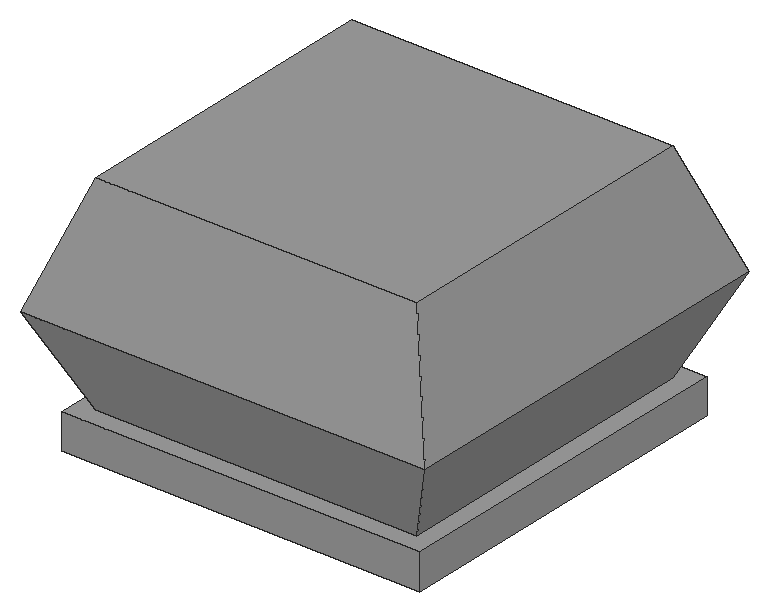
Revit family "BIMLIB_КрышныйВентилятор_RMV-VIM_IRMV-VIM_SHUFT", category Оборудование, Revit 2017
Family settings
  Размер круглого соединителя = Использовать диаметр
  Тип детали = Нормальный
  На основе рабочей плоскости = Нет
  Всегда вертикально = Да
  При загрузке вырезать с полостями = Нет
  Общий = Нет
  Точка расчета площади = Нет
Parameters (values of type "RMVE 190/300-2 VIM")
  Повернуть УГО [instance] = yes
  Описание = "Разборный корпус вентиляторов изготовлен из оцинкованной стали. Вентиляторы оборудованы высокоэффективной крыльчаткой с загнутыми назад лопатками и асинхронным двигателем с внешним ротором. Рабочее колесо установлено методом напрессовки непосредственно на ротор электродвигателя. Электродвигатель с рабочим колесом статически и динамически сбалансированы. Крыльчатка защищена сеткой от попадания посторонних предметов. Шариковые подшипники электродвигателя не требуют технического ухода. Защита двигателей вентиляторво осуществляется встроенными термоконтактами, требующими подключения внешнего защитного термореле. В случае применения пятиступенчатых регуляторов скорости серий TRE-T и TRD-T дополнительное защитное реле не нужно. Регулирование скорости вентилятора осуществляется путем изменения напряжения за счет использования пятиступенчатых трансформаторных регуляторов TRE-T и TRD-T или однофазных плавных регуляторов скорости SRE. К одному регулятору можно подключить несколько вентилято-ров при условии, что общий ток вентиляторов не превышает номинальный ток регулятора."  # constant formula
  Климатическое исполнение = "У1"  # constant formula
  Изготовитель = "ООО «Завод ВКО» марка SHUFT"  # constant formula
  Watermark [instance] = "Модели защищены уникальным кодом"
  URL = "http://www.shuft.ru/"
  L2 = 305 mm
  L1 = 273 mm
  L = 344 mm
  IP Двигателя = "IP44"
  H1 = 108 mm
  H = 207 mm
  ADSK_Частота вращения вентилятора = 2380
  ADSK_Ток = 0.26 A
  ADSK_Размер_Диаметр = 160 mm
  ADSK_Потеря давления воздуха [instance] = 0.0 Pa
  ADSK_Полная мощность = ADSK_Номинальная мощность / ADSK_Коэффициент мощности  # 0.059 kW
  ADSK_Номинальная мощность = 0.059 kW
  ADSK_Напряжение = 230 V
  ADSK_Коэффициент мощности = 1
  ADSK_Количество фаз = 1
  BL_Разработано = "support@bimlib.pro"  # constant formula
  BL_Email = "bimmodels@rusklimat.ru"  # constant formula
  BL_BIM library = "https://bimlib.pro/manufacturer/company/23829"
  ADSK_Расход воздуха [instance] = 0.0 L/s
  ADSK_Примечание [instance] = ""
  ADSK_Позиция = ""
  ADSK_Обозначение = ""
  ADSK_Наименование = "Крышный вентилятор RMVE 190/300-2 VIM"
  ADSK_Материал = BIMLIB_Сталь_SHUFT
  ADSK_Масса = 7
  ADSK_Марка = "RMVE 190/300-2 VIM"
  ADSK_Код изделия = ADSK_Марка  # "RMVE 190/300-2 VIM"
  ADSK_Классификация нагрузок = Прочее
  ADSK_Завод-изготовитель = "ООО «Завод ВКО» марка SHUFT"  # constant formula
  ADSK_Единица измерения = "шт."  # constant formula
  ADSK_Версия семейства = "v.1"  # constant formula
  ADSK_Версия Revit = "2017"  # constant formula
  ADSK_URL страницы изделия = "http://www.shuft.ru/catalog/1/200/3002/4015/"
  ADSK_URL документации изделия = "http://www.shuft.ru/upload/downloads/passport-RMV_VIM.pdf"
Types (28, lengths in mm): name | L2 | L1 | L | IP Двигателя | H1 | H | ADSK_Частота вращения вентилятора | ADSK_Ток | ADSK_Размер_Диаметр | ADSK_Полная мощность | ADSK_Номинальная мощность | ADSK_Напряжение | ADSK_Количество фаз | ADSK_Наименование | ADSK_Масса | ADSK_Марка | ADSK_Код изделия
  RMVE 190/300-2 VIM | 305 | 273 | 344 | "IP44" | 108 | 207 | 2380 | 0.26 A | 160 | 0.059 kW | 0.059 kW | 230 V | 1 | "Крышный вентилятор RMVE 190/300-2 VIM" | 7 | "RMVE 190/300-2 VIM" | "RMVE 190/300-2 VIM"
  RMVE 220/400-2 VIM | 305 | 357 | 440 | "IP54" | 112 | 214 | 2500 | 0.04 A | 200 | 0.085 kW | 0.085 kW | 230 V | 1 | "Крышный вентилятор RMVE 220/400-2 VIM" | 9.5 | "RMVE 220/400-2 VIM" | "RMVE 220/400-2 VIM"
  RMVE 250/400-2 VIM | 405 | 357 | 440 | "IP54" | 145 | 246 | 2440 | 0.67 A | 250 | 0.154 kW | 0.154 kW | 230 V | 1 | "Крышный вентилятор RMVE 250/400-2 VIM" | 11.5 | "RMVE 250/400-2 VIM" | "RMVE 250/400-2 VIM"
  RMVE 280/400-2 VIM | 405 | 357 | 440 | "IP54" | 152 | 246 | 2500 | 0.9 A | 300 | 0.2 kW | 0.2 kW | 230 V | 1 | "Крышный вентилятор RMVE 280/400-2 VIM" | 12.12 | "RMVE 280/400-2 VIM" | "RMVE 280/400-2 VIM"
  RMVE 311/440-4 VIM | 435 | 470 | 555 | "IP44" | 228 | 323 | 1400 | 0.72 A | 315 | 0.145 kW | 0.145 kW | 230 V | 1 | "Крышный вентилятор RMVE 311/440-4 VIM" | 18 | "RMVE 311/440-4 VIM" | "RMVE 311/440-4 VIM"
  RMVD 311/440-4 VIM | 435 | 470 | 555 | "IP54" | 228 | 323 | 1410 | 0.37 A | 315 | 0.128 kW | 0.128 kW | 400 V | 3 | "Крышный вентилятор RMVD 311/440-4 VIM" | 18 | "RMVD 311/440-4 VIM" | "RMVD 311/440-4 VIM"
  RMVE 355/600-4 VIM | 595 | 618 | 720 | "IP54" | 278 | 400 | 1390 | 0.77 A | 355 | 0.178 kW | 0.178 kW | 230 V | 1 | "Крышный вентилятор RMVE 355/600-4 VIM" | 28.4 | "RMVE 355/600-4 VIM" | "RMVE 355/600-4 VIM"
  IRMVE 311/440-4 VIM | 435 | 567 | 675 | "IP44" | 228 | 369 | 1400 | 0.72 A | 315 | 0.145 kW | 0.145 kW | 230 V | 1 | "Крышный вентилятор IRMVE 311/440-4 VIM" | 26 | "IRMVE 311/440-4 VIM" | "IRMVE 311/440-4 VIM"
  IRMVD 311/440-4 VIM | 435 | 567 | 675 | "IP54" | 228 | 369 | 1410 | 0.37 A | 315 | 0.128 kW | 0.128 kW | 400 V | 3 | "Крышный вентилятор IRMVD 311/440-4 VIM" | 26 | "IRMVD 311/440-4 VIM" | "IRMVD 311/440-4 VIM"
  IRMVE 355/600-4 VIM | 595 | 716 | 844 | "IP54" | 278 | 422 | 1390 | 0.77 A | 355 | 0.178 kW | 0.178 kW | 230 V | 1 | "Крышный вентилятор IRMVE 355/600-4 VIM" | 39 | "IRMVE 355/600-4 VIM" | "IRMVE 355/600-4 VIM"
  RMVD 355/600-4 VIM | 595 | 618 | 720 | "IP54" | 278 | 420 | 1410 | 0.45 A | 355 | 0.17 kW | 0.17 kW | 400 V | 3 | "Крышный вентилятор RMVD 355/600-4 VIM" | 28.4 | "RMVD 355/600-4 VIM" | "RMVD 355/600-4 VIM"
  RMVE 400/600-4 VIM | 595 | 618 | 720 | "IP54" | 270 | 435 | 1420 | 1.7 A | 400 | 0.375 kW | 0.375 kW | 230 V | 1 | "Крышный вентилятор RMVE 400/600-4 VIM" | 32 | "RMVE 400/600-4 VIM" | "RMVE 400/600-4 VIM"
  RMVD 400/600-4 VIM | 595 | 618 | 720 | "IP54" | 270 | 435 | 1410 | 0.81 A | 400 | 0.34 kW | 0.34 kW | 400 V | 3 | "Крышный вентилятор RMVD 400/600-4 VIM" | 32 | "RMVD 400/600-4 VIM" | "RMVD 400/600-4 VIM"
  IRMVD 355/600-4 VIM | 595 | 716 | 844 | "IP54" | 278 | 422 | 1410 | 0.45 A | 355 | 0.17 kW | 0.17 kW | 400 V | 3 | "Крышный вентилятор IRMVD 355/600-4 VIM" | 38 | "IRMVD 355/600-4 VIM" | "IRMVD 355/600-4 VIM"
  IRMVE 400/600-4 VIM | 595 | 716 | 844 | "IP54" | 278 | 422 | 1420 | 1.7 A | 400 | 0.375 kW | 0.375 kW | 230 V | 1 | "Крышный вентилятор IRMVE 400/600-4 VIM" | 42 | "IRMVE 400/600-4 VIM" | "IRMVE 400/600-4 VIM"
  IRMVD 400/600-4 VIM | 595 | 716 | 844 | "IP54" | 278 | 422 | 1410 | 0.81 A | 400 | 0.34 kW | 0.34 kW | 400 V | 3 | "Крышный вентилятор IRMVD 400/600-4 VIM" | 41 | "IRMVD 400/600-4 VIM" | "IRMVD 400/600-4 VIM"
  RMVE 450/670-4 VIM | 665 | 700 | 900 | "IP54" | 330 | 485 | 1410 | 2.55 A | 450 | 0.58 kW | 0.58 kW | 230 V | 1 | "Крышный вентилятор RMVE 450/670-4 VIM" | 47.6 | "RMVE 450/670-4 VIM" | "RMVE 450/670-4 VIM"
  IRMVE 450/670-4 VIM | 665 | 817 | 966 | "IP54" | 330 | 488 | 1410 | 2.55 A | 450 | 0.58 kW | 0.58 kW | 230 V | 1 | "Крышный вентилятор IRMVE 450/670-4 VIM" | 62.5 | "IRMVE 450/670-4 VIM" | "IRMVE 450/670-4 VIM"
  RMVD 450/670-4 VIM | 665 | 700 | 900 | "IP54" | 330 | 485 | 1420 | 1.43 A | 450 | 0.58 kW | 0.58 kW | 400 V | 3 | "Крышный вентилятор RMVD 450/670-4 VIM" | 49.4 | "RMVD 450/670-4 VIM" | "RMVD 450/670-4 VIM"
  RMVD 500/670-4 VIM | 665 | 700 | 900 | "IP54" | 330 | 485 | 1440 | 2.2 A | 500 | 1.1 kW | 1.1 kW | 400 V | 3 | "Крышный вентилятор RMVD 500/670-4 VIM" | 56 | "RMVD 500/670-4 VIM" | "RMVD 500/670-4 VIM"
  IRMVD 450/670-4 VIM | 665 | 817 | 966 | "IP54" | 330 | 488 | 1420 | 1.43 A | 450 | 0.58 kW | 0.58 kW | 400 V | 3 | "Крышный вентилятор IRMVD 450/670-4 VIM" | 61 | "IRMVD 450/670-4 VIM" | "IRMVD 450/670-4 VIM"
  IRMVD 500/670-4 VIM | 665 | 817 | 966 | "IP54" | 330 | 488 | 1440 | 2.2 A | 500 | 1.1 kW | 1.1 kW | 400 V | 3 | "Крышный вентилятор IRMVD 500/670-4 VIM" | 65 | "IRMVD 500/670-4 VIM" | "IRMVD 500/670-4 VIM"
  RMVD 560/940-4 VIM | 939 | 972 | 1150 | "IP54" | 385 | 609 | 1400 | 3.6 A | 560 | 2 kW | 2 kW | 400 V | 3 | "Крышный вентилятор RMVD 560/940-4 VIM" | 128 | "RMVD 560/940-4 VIM" | "RMVD 560/940-4 VIM"
  IRMVD 560/940-4 VIM | 939 | 1033 | 1265 | "IP54" | 385 | 611 | 1400 | 3.6 A | 560 | 2 kW | 2 kW | 400 V | 3 | "Крышный вентилятор IRMVD 560/940-4 VIM" | 109 | "IRMVD 560/940-4 VIM" | "IRMVD 560/940-4 VIM"
  RMVD 630/950-4 VIM | 939 | 972 | 1150 | "IP54" | 385 | 609 | 1380 | 6.8 A | 630 | 4.1 kW | 4.1 kW | 400 V | 3 | "Крышный вентилятор RMVD 630/950-4 VIM" | 140 | "RMVD 630/950-4 VIM" | "RMVD 630/950-4 VIM"
  IRMVD 630/950-4 VIM | 939 | 1033 | 1265 | "IP54" | 385 | 611 | 1380 | 6.8 A | 630 | 4.1 kW | 4.1 kW | 400 V | 3 | "Крышный вентилятор IRMVD 630/950-4 VIM" | 140 | "IRMVD 630/950-4 VIM" | "IRMVD 630/950-4 VIM"
  RMVD 710/1040-6 VIM | 1035 | 1176 | 1350 | "IP54" | 465 | 717 | 890 | 4 A | 710 | 2 kW | 2 kW | 400 V | 3 | "Крышный вентилятор RMVD 710/1040-6 VIM" | 156 | "RMVD 710/1040-6 VIM" | "RMVD 710/1040-6 VIM"
  IRMVD 710/1040-6 VIM | 1035 | 1176 | 1350 | "IP54" | 465 | 717 | 890 | 4 A | 710 | 2 kW | 2 kW | 400 V | 3 | "Крышный вентилятор IRMVD 710/1040-6 VIM" | 132 | "IRMVD 710/1040-6 VIM" | "IRMVD 710/1040-6 VIM"
Reference planes
  plane 1 "По центру (Вперед/Назад)": y = 0
  plane 2: z = 0
  plane 3 "По центру (Влево/Вправо)": x = 0
  plane 4: z = 30
  plane 5: z = 207
  plane 6: z = 108
  plane 7: x = -172
  plane 8: x = 172
  plane 9: x = -136.5
  plane 10: x = 136.5
  plane 11: x = 152.5
  plane 12: x = -152.5
  plane 13: y = -172
  plane 14: y = 172
  plane 15: y = -136.5
  plane 16: y = 136.5
  plane 17: y = 152.5
  plane 18: y = -152.5
Forms (mm)
  Extrusion 1, solid, material "BIMLIB_Сталь_SHUFT" <- "ADSK_Материал", detail levels medium+fine
    sketch origin (0, 0, 0) x (1, 0, 0) y (0, 1, 0)
      loop
        line (-152.5, 152.5) -> (-152.5, -152.5) -> (152.5, -152.5) -> (152.5, 152.5) -> (-152.5, 152.5)
    from 0 to 30
  Blend 2, solid, material "BIMLIB_Сталь_SHUFT" <- "ADSK_Материал", detail levels medium+fine
    base sketch origin (0, 0, 0) x (1, 0, 0) y (0, 1, 0)
      loop
        line (-136.5, 136.5) -> (-136.5, -136.5) -> (136.5, -136.5) -> (136.5, 136.5) -> (-136.5, 136.5)
    top sketch origin (0, 0, 0) x (1, 0, 0) y (0, 1, 0)
      loop
        line (-172, 172) -> (-172, -172) -> (172, -172) -> (172, 172) -> (-172, 172)
    from 30 to 108
  Blend 3, solid, material "BIMLIB_Сталь_SHUFT" <- "ADSK_Материал", detail levels medium+fine
    base sketch origin (0, 0, 0) x (1, 0, 0) y (0, 1, 0)
      loop
        line (-172, 172) -> (-172, -172) -> (172, -172) -> (172, 172) -> (-172, 172)
    top sketch origin (0, 0, 0) x (1, 0, 0) y (0, 1, 0)
      loop
        line (-136.5, 136.5) -> (-136.5, -136.5) -> (136.5, -136.5) -> (136.5, 136.5) -> (-136.5, 136.5)
    from 108 to 207
Dimensions and locks
  locked: plane 4 to level at 30
  "H": plane 5 to level
  "H1": plane 6 to level
  "L": plane 8 to plane 7
  equal spacing: plane 8, plane 3 "По центру (Влево/Вправо)", plane 7
  "L1": plane 10 to plane 9
  equal spacing: plane 10, plane 3 "По центру (Влево/Вправо)", plane 9
  "L2": plane 11 to plane 12
  equal spacing: plane 11, plane 3 "По центру (Влево/Вправо)", plane 12
  "L": plane 13 to plane 14
  "L2": plane 18 to plane 17
  "L1": plane 15 to plane 16
  equal spacing: plane 15, plane 1 "По центру (Вперед/Назад)", plane 16
  equal spacing: plane 18, plane 1 "По центру (Вперед/Назад)", plane 17
  equal spacing: plane 13, plane 1 "По центру (Вперед/Назад)", plane 14
  aligned and locked: level to plane 2
  aligned and locked: plane 17 to Extrusion 1 sketch curve
  aligned and locked: plane 12 to Extrusion 1 sketch curve
  aligned and locked: Extrusion 1 sketch curve to plane 18
  aligned and locked: Extrusion 1 sketch curve to plane 11
  aligned and locked: Extrusion 1 to level
  aligned and locked: plane 4 to Extrusion 1
  aligned and locked: plane 16 to Blend 2 sketch curve
  aligned and locked: plane 9 to Blend 2 sketch curve
  aligned and locked: Blend 2 sketch curve to plane 15
  aligned and locked: Blend 2 sketch curve to plane 10
  aligned and locked: plane 14 to Blend 2 sketch curve
  aligned and locked: plane 7 to Blend 2 sketch curve
  aligned and locked: Blend 2 sketch curve to plane 13
  aligned and locked: Blend 2 sketch curve to plane 8
  aligned and locked: Blend 2 to plane 4
  aligned and locked: plane 6 to Blend 2
  aligned and locked: Blend 3 sketch curve to Blend 2  (x8)
  aligned and locked: Blend 3 to plane 6
  aligned and locked: plane 5 to Blend 3
  aligned and locked: plane 3 "По центру (Влево/Вправо)" to nested 1
  aligned and locked: plane 3 "По центру (Влево/Вправо)" to nested 2
  aligned and locked: plane 1 "По центру (Вперед/Назад)" to nested 1
  aligned and locked: plane 2 to nested 1
Nested families
  nested 1: "BIMLIB_УГО Крышный радиальный с выбросом вверх_SHUFT" at (0, 0, 0), УГО сбоку <- "Повернуть УГО", type "Крышный радиальный с выбросом вверх", detail levels coarse
    with УГО спереди no, УГО сбоку yes
  nested 2: "BIMLIB_УГО Крышный вентилятор_2D_SHUFT" at (0, 0, 0), type "BIMLIB_УГО Крышный вентилятор_2D_SHUFT", detail levels coarse
Connectors
  electrical at (0, 0, 207), driven by "ADSK_Количество фаз", driven by "ADSK_Напряжение", driven by "ADSK_Номинальная мощность", driven by "ADSK_Классификация нагрузок", driven by "ADSK_Коэффициент мощности"
    settings: on Blend 3, index 1, voltage 230 V, apparent load 0.059 kW, apparent load phase1 0 kW, apparent load phase2 0 kW, apparent load phase3 0 kW, power factor 1, load classification "Прочее", number of poles 1, system type 30, power factor state 1, is connector primary yes, connector utility no, sub classification motor no, connector description "Электрический соединитель"
  hvac at (0, 0, 0), driven by "ADSK_Размер_Диаметр", driven by "ADSK_Расход воздуха", driven by "ADSK_Потеря давления воздуха"
    settings: on Extrusion 1, index 2, duct flow 0.0 L/s, flow factor 0, pres drop 0.0 Pa, loss coef 0, conn angle 0.00°, conn width 304.8 mm, conn height 304.8 mm, conn diameter 160 mm, duct sys type 29, conn prof type 0, flow config 0, flow direction 2, loss method 0, conn ref index -1, conn util no, is conn primary yes, conn desc "Наружный воздух"
Definition of nested family "BIMLIB_УГО Крышный радиальный с выбросом вверх_SHUFT"
  Parameters (values of type "Крышный радиальный с выбросом вверх")
    Ширина = 500 mm
    УГО спереди [instance] = not(УГО сбоку)  # yes
    УГО сбоку [instance] = no
    Высота = 400 mm
  Reference planes
    plane 1 "По центру (Вперед/Назад)": y = 0
    plane 2: z = 0
    plane 3 "По центру (Влево/Вправо)": x = 0
    plane 4: z = 100
    plane 5: z = 400
    plane 6: z = 200
    plane 7: x = -250
    plane 8: x = 250
    plane 9: z = 250
    plane 10: y = 250
    plane 11: y = -250
    plane 12: y = 200
    plane 13: y = -200
    plane 14: y = -100
    plane 15: x = -100
    plane 16: x = 100
    plane 17: x = -200
    plane 18: x = 200
    plane 19: x = -150
    plane 20: x = 150
  Forms (mm)
    Extrusion 1, solid, visible <- "УГО спереди", detail levels coarse
      sketch origin (0, 0, 0) x (1, 0, 0) y (0, 0, 1)
        loop
          line (-200, 200) -> (-200, 100) -> (-100, 100) -> (-100, 200) -> (-200, 200)
        loop
          line (100, 200) -> (100, 100) -> (200, 100) -> (200, 200) -> (100, 200)
      from -1 to 1
    Extrusion 2, solid, visible <- "УГО сбоку", detail levels coarse
      sketch origin (0, 0, 0) x (0, -1, 0) y (0, 0, 1)
        loop
          line (-200, 200) -> (-200, 100) -> (-100, 100) -> (-100, 200) -> (-200, 200)
        loop
          line (100, 200) -> (100, 100) -> (200, 100) -> (200, 200) -> (100, 200)
      from -1 to 1
  Lines and regions (mm)
    model lines, visible <- "УГО спереди", detail levels coarse
      curve 1: line (100, 0, 0) -> (-100, 0, 0)
      curve 2: line (-100, 0, 0) -> (-100, 0, 100)
      curve 3: line (100, 0, 0) -> (100, 0, 100)
      curve 4: line (-200, 0, 100) -> (-200, 0, 200)
      curve 5: line (-200, 0, 200) -> (200, 0, 200)
      curve 6: line (200, 0, 200) -> (200, 0, 100)
      curve 7: line (-100, 0, 100) -> (-100, 0, 200)
      curve 8: line (100, 0, 100) -> (100, 0, 200)
      curve 9: line (-250, 0, 400) -> (250, 0, 400)
      curve 10: line (250, 0, 400) -> (250, 0, 100)
      curve 11: line (250, 0, 100) -> (-250, 0, 100)
      curve 12: line (-250, 0, 100) -> (-250, 0, 400)
      curve 13: line (-100, 0, 450) -> (100, 0, 450)
      curve 14: line (-100, 0, 450) -> (0, 0, 550)
      curve 15: line (0, 0, 550) -> (100, 0, 450)
    model lines, visible <- "УГО сбоку", detail levels coarse
      curve 16: line (0, -100, 0) -> (0, 100, 0)
      curve 17: line (0, 100, 0) -> (0, 100, 100)
      curve 18: line (0, -100, 0) -> (0, -100, 100)
      curve 19: line (0, 200, 100) -> (0, 200, 200)
      curve 20: line (0, 200, 200) -> (0, -200, 200)
      curve 21: line (0, -200, 200) -> (0, -200, 100)
      curve 22: line (0, 100, 100) -> (0, 100, 200)
      curve 23: line (0, -100, 100) -> (0, -100, 200)
      curve 24: line (0, 250, 400) -> (0, -250, 400)
      curve 25: line (0, -250, 400) -> (0, -250, 100)
      curve 26: line (0, -250, 100) -> (0, 250, 100)
      curve 27: line (0, 250, 100) -> (0, 250, 400)
      curve 28: line (0, 100, 450) -> (0, -100, 450)
      curve 29: line (0, 100, 450) -> (0, 0, 550)
      curve 30: line (0, 0, 550) -> (0, -100, 450)
  Dimensions and locks
    locked: plane 4 to level at 100
    "Высота": plane 5 to level
    locked: plane 6 to plane 4 at 100
    "Ширина": plane 8 to plane 7
    equal spacing: plane 8, plane 3 "По центру (Влево/Вправо)", plane 7
    equal spacing: plane 5, plane 9, plane 4
    plane 8 to Extrusion 1 to Extrusion 1 to Extrusion 1 to Extrusion 1 to plane 7 = 50 mm locked, 100 mm locked, 200 mm, 100 mm locked, 50 mm locked
    "Ширина": plane 11 to plane 10
    equal spacing: plane 11, plane 1 "По центру (Вперед/Назад)", plane 10
    curve 25 to Extrusion 2 to Extrusion 2 to Extrusion 2 to Extrusion 2 to plane 10 = 50 mm locked, 100 mm locked, 200 mm, 100 mm locked, 50 mm locked
    plane 13 to plane 12 = 400 mm
    equal spacing: plane 13, plane 1 "По центру (Вперед/Назад)", plane 12
    plane 13 to plane 14 to plane 1 "По центру (Вперед/Назад)" = 100 mm locked, 100 mm locked
    equal spacing: plane 15, plane 3 "По центру (Влево/Вправо)", plane 16
    aligned and locked: level to plane 2
    aligned and locked: Extrusion 1 sketch curve to curve 5
    aligned and locked: Extrusion 1 sketch curve to curve 4
    aligned and locked: plane 4 to Extrusion 1 sketch curve  (x2)
    aligned and locked: Extrusion 1 sketch curve to curve 2
    aligned and locked: curve 5 to Extrusion 1 sketch curve
    aligned and locked: Extrusion 1 sketch curve to curve 8
    aligned and locked: Extrusion 1 sketch curve to curve 6
    aligned and locked: Extrusion 1 to plane 6  (x2)
    aligned and locked: plane 6 to curve 5
    aligned and locked: Extrusion 1 to plane 4  (x2)
    aligned and locked: level to curve 1
    aligned and locked: plane 5 to curve 9
    aligned and locked: plane 7 to curve 12
    aligned and locked: plane 4 to curve 11
    aligned and locked: curve 10 to plane 8
    aligned and locked: Extrusion 2 sketch curve to curve 20
    aligned and locked: Extrusion 2 sketch curve to curve 19
    aligned and locked: Extrusion 2 sketch curve to curve 17
    aligned and locked: curve 20 to Extrusion 2 sketch curve
    aligned and locked: Extrusion 2 sketch curve to curve 23
    aligned and locked: Extrusion 2 sketch curve to curve 21
    aligned and locked: plane 11 to curve 25
    aligned and locked: curve 27 to plane 10
    aligned and locked: curve 24 to plane 5
    aligned and locked: Extrusion 2 to plane 6  (x2)
    aligned and locked: curve 20 to plane 6
    aligned and locked: Extrusion 2 to plane 4  (x3)
    aligned and locked: curve 26 to plane 4
    aligned and locked: curve 16 to level
  Automatic sketch dimensions
    curve 2 to plane 4 = 0 mm
    curve 15 to plane 3 "По центру (Влево/Вправо)" = 0 mm
    curve 3 to plane 4 = 0 mm
    plane 7 to curve 4 = 50 mm
    curve 1 to plane 3 "По центру (Влево/Вправо)" = 100 mm
    curve 13 to plane 3 "По центру (Влево/Вправо)" = 100 mm
    plane 3 "По центру (Влево/Вправо)" to curve 1 = 100 mm
    plane 3 "По центру (Влево/Вправо)" to curve 13 = 100 mm
    curve 6 to plane 8 = 50 mm
    curve 14 to plane 5 = 50 mm
    Extrusion 2 sketch curve to Extrusion 2 sketch curve = 100 mm  (x2)
    curve 29 to plane 1 "По центру (Вперед/Назад)" = 0 mm
    plane 10 to curve 19 = 50 mm
    curve 16 to plane 1 "По центру (Вперед/Назад)" = 100 mm
    curve 22 to curve 17 = 0 mm
    plane 1 "По центру (Вперед/Назад)" to curve 28 = 100 mm
    plane 1 "По центру (Вперед/Назад)" to curve 23 = 100 mm
    curve 18 to curve 23 = 0 mm
    curve 21 to plane 11 = 50 mm
    curve 28 to plane 5 = 50 mm
    curve 28 to curve 30 = 100 mm
Definition of nested family "BIMLIB_УГО Крышный вентилятор_2D_SHUFT"
  Reference planes
    plane 1: y = 0
    plane 2: x = 0
  Lines and regions (mm)
    Filled region 1, type "Цветовая область 1"
      outline origin (0, 0, 0) x (1, 0, 0) y (0, 1, 0)
        loop
          line (-6, 4.5) -> (-6, 2) -> (-3.507, 2) -> (-3.507, 4.5) -> (-6, 4.5)
        loop
          line (3.507, 4.5) -> (3.507, 2) -> (6.022, 2) -> (6.022, 4.5) -> (3.507, 4.5)
    detail lines
      curve 1: line (0, 0, 0) -> (-2, 0, 0)
      curve 2: line (-2, 0, 0) -> (-2, 2, 0)
      curve 3: line (0, 0, 0) -> (2, 0, 0)
      curve 4: line (2, 0, 0) -> (2, 2, 0)
      curve 5: line (2, 2, 0) -> (7, 2, 0)
      curve 6: line (2, 2, 0) -> (-2, 2, 0)
      curve 7: line (7, 2, 0) -> (7, 7, 0)
      curve 8: line (7, 7, 0) -> (0, 7, 0)
      curve 9: line (-2, 2, 0) -> (-7, 2, 0)
      curve 10: line (-7, 2, 0) -> (-7, 7, 0)
      curve 11: line (-7, 7, 0) -> (0, 7, 0)
      curve 12: line (-6, 4.5, 0) -> (6.022, 4.5, 0)
      curve 13: line (-6, 4.5, 0) -> (-6, 2, 0)
      curve 14: line (6.022, 4.5, 0) -> (6.022, 2, 0)
      curve 15: line (3.507, 4.5, 0) -> (3.507, 2, 0)
      curve 16: line (-3.507, 4.5, 0) -> (-3.507, 2, 0)
      curve 17: line (0, 7.963, 0) -> (2, 7.963, 0)
      curve 18: line (2, 7.963, 0) -> (0, 7.963, 0)
      curve 19: line (2, 7.963, 0) -> (0, 9.963, 0)
      curve 20: line (0, 7.963, 0) -> (-2, 7.963, 0)
      curve 21: line (-2, 7.963, 0) -> (0, 7.963, 0)
      curve 22: line (-2, 7.963, 0) -> (0, 9.963, 0)
  Dimensions and locks
    aligned and locked: Filled region 1 sketch curve to curve 12
    aligned and locked: Filled region 1 sketch curve to curve 13
    aligned and locked: curve 9 to Filled region 1 sketch curve
    aligned and locked: Filled region 1 sketch curve to curve 16
    aligned and locked: curve 12 to Filled region 1 sketch curve
    aligned and locked: Filled region 1 sketch curve to curve 15
    aligned and locked: Filled region 1 sketch curve to curve 5
    aligned and locked: Filled region 1 sketch curve to curve 14
